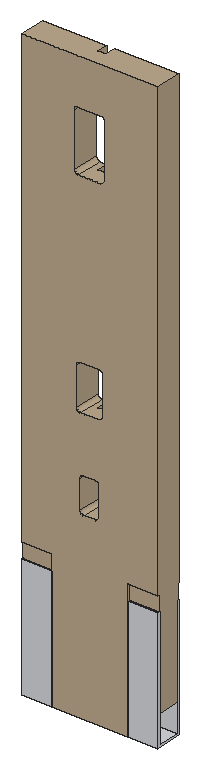
Revit family
Parameters (values of type "iSB 18x7")
  Wind Drift at Allowable Load = 0' - 0 23/64"
  Width = 1' - 6"
  Weight = 140
  URL = "http://www.ilevel.com/downloads/Shear-Brace-Details.zip"
  Total Vertical Loads = 8.00 kip
  Seismic Drift Allowable at Load = 0' - 0 79/256"
  Model = "iSB 18x7"
  Material = OSB
  Manufacturer = "iLevel"
  Height = 6' - 6"
  Depth = 0' - 3 1/2"
  Assembly Code = "B2010100"
  Allowable Wind Shear = 3.08 kip
  Allowable Seismic Shear = 2.63 kip
Reference planes (in)
  plane 1 "Center (Front/Back)": y = 0
  plane 2: z = 0
  plane 3 "Center (Left/Right)": x = 0
  plane 4: y = 1.75
  plane 5: y = -1.75
  plane 6: x = -9
  plane 7: x = 9
  plane 8: z = 78
  plane 9: z = 72
  plane 10: z = 24
  plane 11: z = 36
  plane 12: z = 4
  plane 13: z = 18
Forms (in)
  Extrusion 1, solid, material "OSB" <- "Material"
    sketch origin (0, 0, 0) x (1, 0, 0) y (0, 0, 1)
      loop
        line (-9, 0) -> (9, 0) -> (9, 78) -> (-9, 78) -> (-9, 0)
    from -1.75 to 1.75
  Extrusion 2, void
    sketch origin (0, 1.75, 0) x (1, 0, 0) y (0, 0, 1)
      loop
        line (0.5, 78) -> (-0.5, 78) -> (-0.5, 24) -> (0.5, 24) -> (0.5, 78)
    from 0 to 1.5
  Extrusion 3, void
    sketch origin (0, 1.75, 0) x (1, 0, 0) y (0, 0, 1)
      loop
        arc (0.75, 24) -> (1.10355, 24.14645) -> (1.25, 24.5) r 0.5
        line (1.25, 24.5) -> (1.25, 28.25)
        arc (1.25, 28.25) -> (1.10355, 28.60355) -> (0.75, 28.75) r 0.5
        line (0.75, 28.75) -> (-0.75, 28.75)
        arc (-0.75, 28.75) -> (-1.10355, 28.60355) -> (-1.25, 28.25) r 0.5
        line (-1.25, 28.25) -> (-1.25, 24.5)
        arc (-1.25, 24.5) -> (-1.10355, 24.14645) -> (-0.75, 24) r 0.5
        line (-0.75, 24) -> (0.75, 24)
    from 0 to 3.5 <- "Depth"
  Extrusion 4, void
    sketch origin (0, 1.75, 18) x (1, 0, 0) y (0, 0, 1)
      loop
        arc (1.25, 18) -> (1.60355, 18.14645) -> (1.75, 18.5) r 0.5
        line (1.75, 18.5) -> (1.75, 23.5)
        arc (1.75, 23.5) -> (1.60355, 23.85355) -> (1.25, 24) r 0.5
        line (1.25, 24) -> (-1.25, 24)
        arc (-1.25, 24) -> (-1.60355, 23.85355) -> (-1.75, 23.5) r 0.5
        line (-1.75, 23.5) -> (-1.75, 18.5)
        arc (-1.75, 18.5) -> (-1.60355, 18.14645) -> (-1.25, 18) r 0.5
        line (-1.25, 18) -> (1.25, 18)
    from 0 to 3.5 <- "Depth"
  Extrusion 5, void
    sketch origin (0, 1.75, 43.25) x (1, 0, 0) y (0, 0, 1)
      loop
        arc (1.5, 20.75) -> (1.85355, 20.89645) -> (2, 21.25) r 0.5
        line (2, 21.25) -> (2, 28.25)
        arc (2, 28.25) -> (1.85355, 28.60355) -> (1.5, 28.75) r 0.5
        line (1.5, 28.75) -> (-1.5, 28.75)
        arc (-1.5, 28.75) -> (-1.85355, 28.60355) -> (-2, 28.25) r 0.5
        line (-2, 28.25) -> (-2, 21.25)
        arc (-2, 21.25) -> (-1.85355, 20.89645) -> (-1.5, 20.75) r 0.5
        line (-1.5, 20.75) -> (1.5, 20.75)
    from 0 to 3.5 <- "Depth"
  Extrusion 6, void
    sketch origin (0, 1.75, 0) x (1, 0, 0) y (0, 0, 1)
      loop
        line (9, 0) -> (9, 4) -> (5, 4) -> (5, 0) -> (9, 0)
      loop
        line (-9, 0) -> (-5, 0) -> (-5, 4) -> (-9, 4) -> (-9, 0)
    from 0 to 3.5 <- "Depth"
  Extrusion 7, void
    sketch origin (0, 1.75, 0) x (1, 0, 0) y (0, 0, 1)
      loop
        line (9, 18) -> (5, 18) -> (5, 4) -> (9, 4) -> (9, 18)
      loop
        line (-9, 18) -> (-9, 4) -> (-5, 4) -> (-5, 18) -> (-9, 18)
    from 0 to 0.25
  Extrusion 8, void
    sketch origin (0, -1.75, 0) x (-1, 0, 0) y (0, 0, 1)
      loop
        line (5, 4) -> (9, 4) -> (9, 18) -> (5, 18) -> (5, 4)
      loop
        line (-9, 18) -> (-9, 4) -> (-5, 4) -> (-5, 18) -> (-9, 18)
    from 0 to 0.25
  Extrusion 9, solid
    sketch origin (0, 0, 0) x (0, 1, 0) y (0, 0, 1)
      loop
        line (1.75, 16) -> (1.5, 16) -> (1.5, 0.25) -> (-1.5, 0.25) -> (-1.5, 16) -> (-1.75, 16) -> (-1.75, 0) -> (1.75, 0) -> (1.75, 16)
    from 5 to 9
  Extrusion 10, solid
    sketch origin (0, 0, 0) x (0, 1, 0) y (0, 0, -1)
      loop
        line (1.75, -16) -> (1.75, 0) -> (-1.75, 0) -> (-1.75, -16) -> (-1.5, -16) -> (-1.5, -0.25) -> (1.5, -0.25) -> (1.5, -16) -> (1.75, -16)
    from 5 to 9
Cuts and joins
  Extrusion 2, Extrusion 3, Extrusion 4, Extrusion 5, Extrusion 6, Extrusion 7, Extrusion 8 cuts Extrusion 1
Dimensions and locks (in)
  equal spacing: plane 4, plane 1 "Center (Front/Back)", plane 5
  "Depth": plane 4 to plane 5
  equal spacing: plane 7, plane 3 "Center (Left/Right)", plane 6
  "Width": plane 6 to plane 7
  "Height": plane 8 to level
  locked: plane 3 "Center (Left/Right)" to Extrusion 2 sketch curve at 0.5  (x2)
  locked: level to plane 10 at 24
  locked: Extrusion 3 sketch curve to plane 3 "Center (Left/Right)" at 1.25
  locked: plane 3 "Center (Left/Right)" to Extrusion 3 sketch curve at 1.25
  locked: Extrusion 4 sketch curve to plane 3 "Center (Left/Right)" at 1.75  (x2)
  locked: Extrusion 5 sketch curve to plane 3 "Center (Left/Right)" at 2  (x2)
  locked: plane 9 to plane 8 at 6
  equal spacing: level, plane 11, plane 9
  aligned and locked: plane 6 to Extrusion 1 sketch curve
  aligned and locked: Extrusion 1 sketch curve to level
  aligned and locked: plane 8 to Extrusion 1 sketch curve
  aligned and locked: Extrusion 1 sketch curve to plane 7
  aligned and locked: Extrusion 1 to plane 4
  aligned and locked: plane 5 to Extrusion 1
  aligned and locked: Extrusion 2 sketch curve to plane 8
  aligned and locked: plane 10 to Extrusion 2 sketch curve
  aligned and locked: plane 9 to Extrusion 5 sketch curve
  aligned and locked: Extrusion 3 sketch curve to plane 10
  aligned and locked: Extrusion 4 sketch curve to plane 11
  aligned and locked: Extrusion 6 sketch curve to plane 7
  aligned and locked: plane 12 to Extrusion 6 sketch curve
  aligned and locked: Extrusion 6 sketch curve to cut or joined group 1 (Extrusion 1, Extrusion 2, Extrusion 3, Extrusion 4, Extrusion 5, Extrusion 6, Extrusion 7, Extrusion 8)  (x2)
  aligned and locked: plane 6 to Extrusion 6 sketch curve
  aligned and locked: Extrusion 6 sketch curve to plane 12
  aligned and locked: Extrusion 7 sketch curve to cut or joined group 1  (x5)
  aligned and locked: Extrusion 7 sketch curve to plane 13
  aligned and locked: cut or joined group 1 to Extrusion 7 sketch curve
  aligned and locked: plane 13 to Extrusion 7 sketch curve
  aligned and locked: cut or joined group 1 to Extrusion 8 sketch curve
  aligned and locked: Extrusion 8 sketch curve to cut or joined group 1  (x7)
  aligned and locked: Extrusion 9 to cut or joined group 1
  aligned and locked: Extrusion 9 to plane 7
Automatic sketch dimensions
  Extrusion 3 sketch curve to Extrusion 3 sketch curve = 0' - 0 1/2"  (x4)
  Extrusion 3 sketch curve to Extrusion 3 sketch curve = 0' - 3 3/4"
  Extrusion 4 sketch curve to Extrusion 4 sketch curve = 0' - 0 1/2"  (x4)
  Extrusion 4 sketch curve to Extrusion 4 sketch curve = 0' - 5"
  Extrusion 5 sketch curve to Extrusion 5 sketch curve = 0' - 0 1/2"  (x4)
  Extrusion 5 sketch curve to Extrusion 5 sketch curve = 0' - 7"
  Extrusion 1 to Extrusion 6 sketch curve = 0' - 4"  (x2)
  Extrusion 9 sketch curve to level = 0' - 0"
  Extrusion 9 sketch curve to plane 5 = 0' - 0"
  Extrusion 9 sketch curve to plane 4 = 0' - 0"
  Extrusion 9 sketch curve to plane 5 = 0' - 0 1/4"
  Extrusion 9 sketch curve to plane 4 = 0' - 0 1/4"
  level to Extrusion 9 sketch curve = 0' - 0 1/4"
  plane 13 to Extrusion 9 sketch curve = 0' - 2"  (x2)
  Extrusion 10 sketch curve to level = 0' - 0"
  Extrusion 10 sketch curve to plane 5 = 0' - 0"
  Extrusion 10 sketch curve to plane 4 = 0' - 0"
  Extrusion 10 sketch curve to plane 5 = 0' - 0 1/4"
  Extrusion 10 sketch curve to plane 4 = 0' - 0 1/4"
  level to Extrusion 10 sketch curve = 0' - 0 1/4"
  plane 13 to Extrusion 10 sketch curve = 0' - 2"  (x2)
